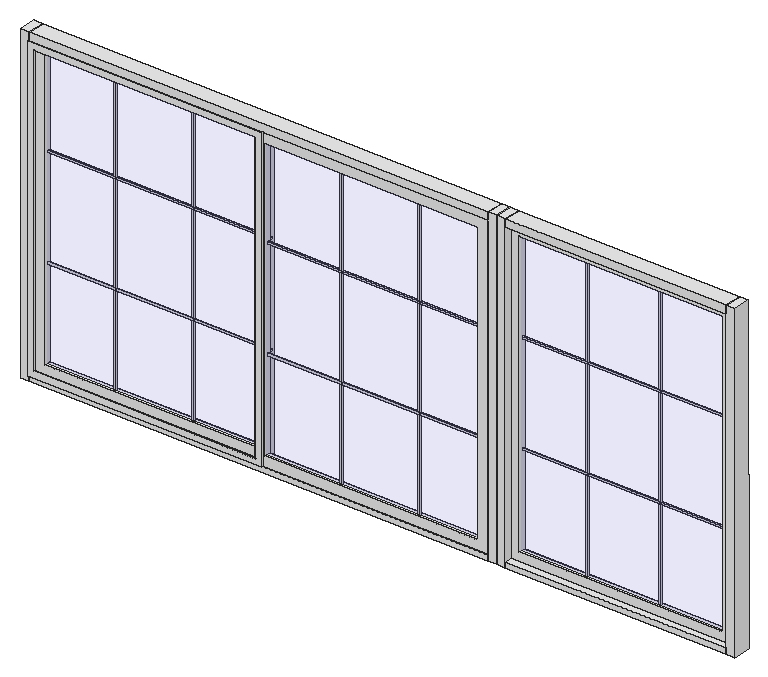
Revit family "Door_Curtain_Wall-Sliding_With_Sidelite-Traco-TR-8300_TR-8350", category Curtain Panels, Revit 2015
Parameters (values of type "TR-8300/TR-8350")
  Water Resistance = 12.0000 psf
  Uniform Load Structural = 75.0000 psf
  Uniform Load Deflection = 50.0000 psf
  Sill Type = Door_Frame-Sliding-(TR-8300) : 10 PSF Sill
  Sidelite Width [instance] = (Door Width - CTLR Left Door Width)  # 5' - 4"
  Sidelite Panel Width [instance] = Sidelite Width - 0' 4 3/4"  # 4' - 11 1/4"
  Sidelite Panel Height [instance] = Door Height - 0' 3 1/2"  # 6' - 8 1/2"
  Show Symbolic Opening Area [instance] = yes
  Product data url = "https://bimobject.com/kawneerna/product/83005"
  Product Page URL = "http://www.alcoa.com/traco/en/product.asp?cat_id=1911&prod_id=4257"
  Product Documentation Link = "http://www.alcoa.com/traco/en/cad_spec.asp?cat_id=1911&prod_id=4257&area=prod"
  Panel Width [instance] = (CTLR Left Door Width / 2) - 0' 1 3/16"  # 5' - 2 13/16"
  Panel Material [instance] = Aluminum - Traco - Anodized - Gray
  Panel Height [instance] = Door Height - 0' 3 1/2"  # 6' - 8 1/2"
  Muntin Type = Muntin-Grid-Traco-Lites : Interior
  Has Screen [instance] = yes
  Has Muntins [instance] = yes
  Glass Material [instance] = Glass - Traco - Clear
  Frame Material [instance] = Aluminum - Traco - Anodized - Gray
  Door Width [instance] = if(CTRL Opening Width - CTRL Left Inset > Door Width Maximum, Door Width Maximum, if(CTRL Opening Width - CTRL Left Inset < Door Width Minimum, Door Width Minimum, CTRL Opening Width - CTRL Left Inset))  # 16' - 0"
  Door Height [instance] = if(CTRL Opening Height < Door Height Minimum, Door Height Minimum, if(CTRL Opening Height > Door Height Maximum, Door Height Maximum, CTRL Opening Height))  # 7' - 0"
  Copyright © = "2011 Traco"  # constant formula
  CTRL Symbolic Arrow Placement Height [instance] = (Panel Height / 2) + 0' 1 1/2"  # 3' - 5 3/4"
  CTRL Symbolic Arrow Inset [instance] = (Panel Width / 2) - 0' 5 3/8"  # 2' - 2 1/32"
  CTRL Opening Width [instance] = 16' - 2 1/4"
  URL = "http://www.alcoa.com/traco/en/home.asp"
  U Factor = ".43*"
  Type Comments = "2 Panel With Sidelite"
  Test Size = "187\" X 96\""
  Perimeter Panel Inset = 0' - 2 3/4"  # constant formula
  Model = "TR-8300/TR-8350"
  Middle Panel Inset = 0' - 1"  # constant formula
  Manufacturer = "Traco"  # constant formula
  CTRL Opening Height [instance] = 7' - 0"
  Forced Entry Resistance = "TYPE B: GRADE 10"
  Door Width Minimum = 9' - 0"
  Door Width Maximum = 16' - 0"
  Door Height Minimum = 6' - 0"
  Door Height Maximum = 10' - 0"
  Designation = "AAMA/WDMA/CSA 101/I.S.2/A-440-05: HS-C50 And AAMA/WDMA/CSA 101/I.S.2/A-440-08"
  Description = "TR-8300/TR-8350- Thermal Aluminum Heavy Commercial Sliding Glass Door"
  Condensation Resistance = ""
  CTRL Left Inset = 0' - 0"
  CTLR Left Door Width [instance] = (Door Width / 3) * 2  # 10' - 8"
  Assembly Code = "B2020220"
  Allowable Air Infiltration Maximum = "0.3 @ 6.2 PSF"
Reference planes (in)
  plane 1 "Front": y = 0
  plane 2 "Bottom": z = 0
  plane 3 "Center (Left/Right)": x = -69.25
  plane 4 "Left": x = -165.25
  plane 5 "Right": x = 29
  plane 6 "Top": z = 84
  plane 7 "Middle Panel Center F_B": y = 1
  plane 8 "Left Panel Center F_B": y = 2.75
  plane 9 "Frame Left": x = -165.25
  plane 10 "Frame Right": x = 26.75
  plane 11 "Screen Front": y = -0.375
  plane 12 "Right Panel Center F_B": y = 2.75
  plane 13 "Back": y = 4.625
  plane 14 "Frame Transition": x = -37.25
  plane 15 "Sidelite Right Frame Inset": x = 24.375
  plane 16 "Frame Left Inset": x = -162.875
  plane 17 "Middle Panel Left": x = -102.4375
  plane 18 "Left Panel Right": x = -100.0625
  plane 19 "Right Frame Inset": x = -39.625
  plane 20 "Door Bottom": z = 1.5
  plane 21 "Sidelite Left Inset": x = -34.875
Text (in)
  text "Exterior" at (-54.29358, -41.61257, 0), in view "Ref. Level"
  text "Exterior" at (480, 41.53993, 89.60405), in view "Right"
  text "Exterior" at (-240, 57.82419, 105.78864), in view "Left"
Dimensions and locks (in)
  "CTRL Opening Width": plane 4 "Left" to plane 5 "Right"
  "Door Height": nested 1 to level
  "CTRL Opening Height": plane 6 "Top" to plane 2 "Bottom"
  equal spacing: plane 9 "Frame Left", plane 3 "Center (Left/Right)", plane 10 "Frame Right"
  "Door Width": plane 9 "Frame Left" to plane 10 "Frame Right"
  locked: plane 1 "Front" to plane 11 "Screen Front" at 0.375
  "Perimeter Panel Inset": plane 1 "Front" to plane 8 "Left Panel Center F_B"
  locked: plane 1 "Front" to plane 13 "Back" at 4.625
  locked: plane 15 "Sidelite Right Frame Inset" to plane 10 "Frame Right" at 2.375
  locked: plane 9 "Frame Left" to plane 16 "Frame Left Inset" at 2.375
  "Middle Panel Inset": plane 1 "Front" to plane 7 "Middle Panel Center F_B"
  locked: plane 19 "Right Frame Inset" to plane 14 "Frame Transition" at 2.375
  locked: plane 17 "Middle Panel Left" to plane 18 "Left Panel Right" at 2.375
  locked: plane 20 "Door Bottom" to plane 2 "Bottom" at 1.5
  locked: plane 14 "Frame Transition" to plane 21 "Sidelite Left Inset" at 2.375
  "Perimeter Panel Inset": plane 1 "Front" to plane 12 "Right Panel Center F_B"
  "Panel Width": plane 16 "Frame Left Inset" to plane 18 "Left Panel Right"
  "CTLR Left Door Width": plane 9 "Frame Left" to plane 14 "Frame Transition"
  "CTRL Left Inset": plane 4 "Left" to plane 9 "Frame Left"
  aligned and locked: level to plane 2 "Bottom"
  aligned: nested 2 to nested 1
  aligned: nested 4 to nested 3
  aligned and locked: nested 5 to nested 3  (x3)
  aligned and locked: nested 3 to nested 5  (x2)
  aligned: plane 9 "Frame Left" to nested 1
  aligned: nested 1 to plane 9 "Frame Left"
  aligned: plane 10 "Frame Right" to nested 2  (x3)
  aligned and locked: plane 8 "Left Panel Center F_B" to nested 3
  aligned and locked: plane 7 "Middle Panel Center F_B" to nested 4
  aligned and locked: nested 1 to plane 1 "Front"
  aligned and locked: nested 1 to plane 9 "Frame Left"
  aligned and locked: plane 1 "Front" to nested 2
  aligned and locked: plane 12 "Right Panel Center F_B" to nested 21
  aligned: plane 2 "Bottom" to nested 2
  aligned and locked: plane 2 "Bottom" to nested 2  (x2)
  aligned: nested 11 to plane 17 "Middle Panel Left"
  aligned and locked: plane 2 "Bottom" to nested 1
  aligned: nested 2 to plane 14 "Frame Transition"
  aligned and locked: plane 14 "Frame Transition" to nested 1
  aligned and locked: plane 20 "Door Bottom" to nested 3
  aligned: plane 18 "Left Panel Right" to nested 3
  aligned and locked: nested 4 to plane 20 "Door Bottom"
  aligned: plane 17 "Middle Panel Left" to nested 4
  aligned and locked: plane 21 "Sidelite Left Inset" to nested 21
  aligned and locked: nested 21 to plane 20 "Door Bottom"
  aligned and locked: nested 2 to plane 14 "Frame Transition"
  aligned and locked: nested 16 to plane 20 "Door Bottom"
  aligned and locked: plane 21 "Sidelite Left Inset" to nested 16
  aligned and locked: nested 11 to plane 20 "Door Bottom"
  aligned and locked: plane 3 "Center (Left/Right)" to nested 11
  aligned and locked: nested 6 to plane 20 "Door Bottom"
  aligned and locked: nested 6 to plane 16 "Frame Left Inset"
  aligned and locked: plane 16 "Frame Left Inset" to nested 3
  aligned and locked: plane 19 "Right Frame Inset" to nested 4
  aligned and locked: plane 2 "Bottom" to nested 22
  aligned and locked: plane 9 "Frame Left" to nested 22
Nested families (in)
  nested 1: "Door_Frame-Sliding-(TR-8300)" at (-101.25, 2.3125, 0), Door Width <- "CTLR Left Door Width", Door Height <- "Door Height", type <- "Sill Type", type "10 PSF Sill"
    with Door Width 10' - 8", Door Height 7' - 0", Bottom Frame Thickness 0' - 1 1/2", Top Frame Thickness 0' - 2"
  nested 2: "Door_Frame-Sidelite-(TR-8350)" at (-1.25, 2.3125, 0), Door Height <- "Door Height", Sidelite Width <- "Sidelite Width", type "Sidelite"
    with Door Height 7' - 0"
  nested 3: "Door-Glass_Panel-Traco" at (-136.0625, 3.625, 1.5), Width <- "Panel Width", Height <- "Panel Height", Panel Material <- "Panel Material", Glass Material <- "Glass Material", type "Door-Glass_Panel-Traco"
    with built-in parameter 1001301 5' - 2 13/16", built-in parameter 1001302 0' - 1 3/4", Slide Indicator yes, Panel Offset 0' - 4 1/4", Panel Material Aluminum - Traco - Anodized - Gray, Panel Finish none, built-in parameter 1001300 6' - 8 1/2", Glazing "Low E-Argon", Glass Material Glass - Traco - Clear
  nested 4: "Door-Glass_Panel-Traco" at (-75.625, 1.875, 1.5), Width <- "Panel Width", Height <- "Panel Height", Panel Material <- "Panel Material", Glass Material <- "Glass Material", type "Door-Glass_Panel-Traco"
    with built-in parameter 1001301 5' - 2 13/16", built-in parameter 1001302 0' - 1 3/4", Slide Indicator yes, Panel Offset 0' - 4 1/4", Panel Material Aluminum - Traco - Anodized - Gray, Panel Finish none, built-in parameter 1001300 6' - 8 1/2", Glazing "Low E-Argon", Glass Material Glass - Traco - Clear
  nested 5: "Screen-Exterior-Traco-Half" at (-130.46875, -0.375, 41.75) x (1, 0, 0) z (0, 1, 0), Width <- "Panel Width", Height <- "Panel Height", visible <- "Has Screen", type "1 1/2"x3/8" Frame"
    with Width 5' - 2 13/16", Screen Offset 0' - 0", Height 6' - 8 1/2", CTRL Width 5' - 2 13/16", CTRL Height 6' - 8 1/2"
  nested 6: "Muntin-Grid-Traco-Lites" at (-131.46875, 2.75, 41.75) x (1, 0, 0) z (0, -1, 0), type <- "Muntin Type", Sash Height <- "Panel Height", Length <- "Panel Width", visible <- "Has Muntins", type "Interior"
    with Sash Height 6' - 8 1/2", Material Aluminum - Traco - Anodized - Gray, Length 5' - 2 13/16", Glazing Thickness 0' - 0 7/8", CTRL Muntin Vertical Distance 2' - 2.83333", CTRL Muntin Horizontal Distance 1' - 8 15/16", CTRL Face Offset 0' - 0 1/4", CTRL Bar Vertical Visibility no, CTRL Bar Horizontal Visibility no, CTRL Array Vertical Visibility yes, CTRL Array Horizontal Visibility yes, Has Interior Muntins yes, Has Exterior Muntins no
  nested 7: "Muntin-Trapezoid-Traco-Single" at (-121, 2.9375, 41.75) x (0, 0, -1) z (0, -1, 0), type "Standard Colonial"
    with Material Aluminum - Traco - Anodized - Gray, Length 6' - 8 1/2", Width Top 0' - 0 9/16", Width Base 0' - 0 9/16", Height 0' - 0 5/16"
  nested 8: "Muntin-Trapezoid-Traco-Single" at (-131.46875, 2.9375, 55.16667) x (-1, 0, 0) z (0, -1, 0), type "Standard Colonial"
    with Material Aluminum - Traco - Anodized - Gray, Length 5' - 2 13/16", Width Top 0' - 0 9/16", Width Base 0' - 0 9/16", Height 0' - 0 5/16"
  nested 9: "Muntin-Trapezoid-Traco-Single" at (-141.9375, 2.9375, 41.75) x (0, 0, -1) z (0, -1, 0), type "Standard Colonial"
    with Material Aluminum - Traco - Anodized - Gray, Length 6' - 8 1/2", Width Top 0' - 0 9/16", Width Base 0' - 0 9/16", Height 0' - 0 5/16"
  nested 10: "Muntin-Trapezoid-Traco-Single" at (-131.46875, 2.9375, 28.33333) x (-1, 0, 0) z (0, -1, 0), type "Standard Colonial"
    with Material Aluminum - Traco - Anodized - Gray, Length 5' - 2 13/16", Width Top 0' - 0 9/16", Width Base 0' - 0 9/16", Height 0' - 0 5/16"
  nested 11: "Muntin-Grid-Traco-Lites" at (-69.25, 1, 41.75) x (1, 0, 0) z (0, -1, 0), visible <- "Has Muntins", type <- "Muntin Type", Sash Height <- "Panel Height", Length <- "Panel Width", type "Interior"
    with Sash Height 6' - 8 1/2", Material Aluminum - Traco - Anodized - Gray, Length 5' - 2 13/16", Glazing Thickness 0' - 0 7/8", CTRL Muntin Vertical Distance 2' - 2.83333", CTRL Muntin Horizontal Distance 1' - 8 15/16", CTRL Face Offset 0' - 0 1/4", CTRL Bar Vertical Visibility no, CTRL Bar Horizontal Visibility no, CTRL Array Vertical Visibility yes, CTRL Array Horizontal Visibility yes, Has Interior Muntins yes, Has Exterior Muntins no
  nested 12: "Muntin-Trapezoid-Traco-Single" at (-58.78125, 1.1875, 41.75) x (0, 0, -1) z (0, -1, 0), type "Standard Colonial"
    with Material Aluminum - Traco - Anodized - Gray, Length 6' - 8 1/2", Width Top 0' - 0 9/16", Width Base 0' - 0 9/16", Height 0' - 0 5/16"
  nested 13: "Muntin-Trapezoid-Traco-Single" at (-69.25, 1.1875, 55.16667) x (-1, 0, 0) z (0, -1, 0), type "Standard Colonial"
    with Material Aluminum - Traco - Anodized - Gray, Length 5' - 2 13/16", Width Top 0' - 0 9/16", Width Base 0' - 0 9/16", Height 0' - 0 5/16"
  nested 14: "Muntin-Trapezoid-Traco-Single" at (-79.71875, 1.1875, 41.75) x (0, 0, -1) z (0, -1, 0), type "Standard Colonial"
    with Material Aluminum - Traco - Anodized - Gray, Length 6' - 8 1/2", Width Top 0' - 0 9/16", Width Base 0' - 0 9/16", Height 0' - 0 5/16"
  nested 15: "Muntin-Trapezoid-Traco-Single" at (-69.25, 1.1875, 28.33333) x (-1, 0, 0) z (0, -1, 0), type "Standard Colonial"
    with Material Aluminum - Traco - Anodized - Gray, Length 5' - 2 13/16", Width Top 0' - 0 9/16", Width Base 0' - 0 9/16", Height 0' - 0 5/16"
  nested 16: "Muntin-Grid-Traco-Lites" at (-5.25, 2.75, 41.75) x (-1, 0, 0) z (0, -1, 0), Sash Height <- "Sidelite Panel Height", Length <- "Sidelite Panel Width", visible <- "Has Muntins", type <- "Muntin Type", type "Interior"
    with Sash Height 6' - 8 1/2", Material Aluminum - Traco - Anodized - Gray, Length 4' - 11 1/4", Glazing Thickness 0' - 0 7/8", CTRL Muntin Vertical Distance 2' - 2.83333", CTRL Muntin Horizontal Distance 1' - 7 3/4", CTRL Face Offset 0' - 0 1/4", CTRL Bar Vertical Visibility no, CTRL Bar Horizontal Visibility no, CTRL Array Vertical Visibility yes, CTRL Array Horizontal Visibility yes, Has Interior Muntins yes, Has Exterior Muntins no
  nested 17: "Muntin-Trapezoid-Traco-Single" at (-15.125, 2.9375, 41.75) x (0, 0, -1) z (0, -1, 0), type "Standard Colonial"
    with Material Aluminum - Traco - Anodized - Gray, Length 6' - 8 1/2", Width Top 0' - 0 9/16", Width Base 0' - 0 9/16", Height 0' - 0 5/16"
  nested 18: "Muntin-Trapezoid-Traco-Single" at (-5.25, 2.9375, 55.16667) x (1, 0, 0) z (0, -1, 0), type "Standard Colonial"
    with Material Aluminum - Traco - Anodized - Gray, Length 4' - 11 1/4", Width Top 0' - 0 9/16", Width Base 0' - 0 9/16", Height 0' - 0 5/16"
  nested 19: "Muntin-Trapezoid-Traco-Single" at (4.625, 2.9375, 41.75) x (0, 0, -1) z (0, -1, 0), type "Standard Colonial"
    with Material Aluminum - Traco - Anodized - Gray, Length 6' - 8 1/2", Width Top 0' - 0 9/16", Width Base 0' - 0 9/16", Height 0' - 0 5/16"
  nested 20: "Muntin-Trapezoid-Traco-Single" at (-5.25, 2.9375, 28.33333) x (1, 0, 0) z (0, -1, 0), type "Standard Colonial"
    with Material Aluminum - Traco - Anodized - Gray, Length 4' - 11 1/4", Width Top 0' - 0 9/16", Width Base 0' - 0 9/16", Height 0' - 0 5/16"
  nested 21: "Door-Glass_Panel-Traco-Sidelite" at (-5.25, 3.625, 1.5), Panel Material <- "Panel Material", Glass Material <- "Glass Material", Width <- "Sidelite Panel Width", Height <- "Sidelite Panel Height", type "Sidelite"
    with built-in parameter 1001301 4' - 11 1/4", built-in parameter 1001302 0' - 1 3/4", Panel Offset 0' - 4 1/4", Panel Material Aluminum - Traco - Anodized - Gray, Panel Finish none, built-in parameter 1001300 6' - 8 1/2", Glazing "Low E-Argon", Glass Material Glass - Traco - Clear
  nested 22: "Symbolic_Opening_Arrow-Traco" at (-146.25, 0, 42) x (1, 0, 0) z (0, -1, 0), visible <- "Show Symbolic Opening Area", Placement Height <- "CTRL Symbolic Arrow Placement Height", Inset <- "CTRL Symbolic Arrow Inset", type "Symbolic_Opening_Arrow-Traco"
    with Placement Height 3' - 5 3/4", Inset 2' - 2 1/32", Length 1' - 2"
Definition of nested family "Door_Frame-Sliding-(TR-8300)"
  Parameters
    Top Frame Thickness = 0' - 4 3/8"
    Frame Thickness = 0' - 2 3/8"
    Frame Material = none
    Frame Depth = 0' - 4 5/8"
    Door Width [instance] = 6' - 0"
    Door Height [instance] = 7' - 0"
    Bottom Frame Thickness [instance] = 0' - 1 1/2"
    Assembly Code = ""
  Reference planes (in)
    plane 1 "Center (Front/Back)": y = 0
    plane 2 "Bottom": z = 0
    plane 3 "Center (Left/Right)": x = 0
    plane 4 "Interior": y = 2.3125
    plane 5 "Exterior": y = -2.3125
    plane 6 "Left": x = -36
    plane 7 "Right": x = 36
    plane 8 "Top of Frame": z = 84
    plane 9 "Inside Frame Left Side": x = -33.625
    plane 10 "Inside Frame Right Side": x = 33.625
    plane 11 "Top Inset": z = 79.625
    plane 12 "Bottom Inset": z = 1.5
  Forms (in)
    Extrusion 1, solid, material <- "Frame Material"
      sketch origin (0, 0, 0) x (1, 0, 0) y (0, 0, 1)
        loop
          line (-36, 84) -> (-36, 0) -> (-33.625, 0) -> (-33.625, 84) -> (-36, 84)
        loop
          line (33.625, 84) -> (33.625, 0) -> (36, 0) -> (36, 84) -> (33.625, 84)
      from -2.3125 to 2.3125
    Extrusion 2, solid, material <- "Frame Material"
      sketch origin (0, 0, 0) x (1, 0, 0) y (0, 0, 1)
        loop
          line (-33.625, 84) -> (-33.625, 79.625) -> (33.625, 79.625) -> (33.625, 84) -> (-33.625, 84)
        loop
          line (-33.625, 1.5) -> (-33.625, 0) -> (33.625, 0) -> (33.625, 1.5) -> (-33.625, 1.5)
      from -2.3125 to 2.3125
  Lines and regions (in)
    Masking region 1
      outline origin (0, 0, 84) x (-1, 0, 0) y (0, -1, 0)
        loop
          line (36, 2.3125) -> (-36, 2.3125) -> (-36, -2.3125) -> (36, -2.3125) -> (36, 2.3125)
    Masking region 2
      outline origin (0, 0, 0) x (0, 1, 0) y (0, 0, 1)
        loop
          line (-2.3125, 0) -> (2.3125, 0) -> (2.3125, 84) -> (-2.3125, 84) -> (-2.3125, 0)
    Masking region 3
      outline origin (0, 0, 0) x (1, 0, 0) y (0, 0, 1)
        loop
          line (-36, 0) -> (36, 0) -> (36, 84) -> (-36, 84) -> (-36, 0)
        loop
          line (-33.625, 1.5) -> (33.625, 1.5) -> (33.625, 79.625) -> (-33.625, 79.625) -> (-33.625, 1.5)
    symbolic lines, detail levels medium+fine
      curve 1: line (-33.625, -2.3125, 84) -> (-33.625, 2.3125, 84)
      curve 2: line (33.625, -2.3125, 84) -> (33.625, 2.3125, 84)
      curve 3: line (-33.625, 0, 0) -> (-33.625, 0, 1.5)
      curve 4: line (33.625, 0, 0) -> (33.625, 0, 1.5)
      curve 5: line (-33.625, 0, 79.625) -> (-33.625, 0, 84)
      curve 6: line (33.625, 0, 79.625) -> (33.625, 0, 84)
  Dimensions and locks (in)
    equal spacing: plane 4 "Interior", plane 1 "Center (Front/Back)", plane 5 "Exterior"
    "Frame Depth": plane 4 "Interior" to plane 5 "Exterior"
    "Door Height": plane 8 "Top of Frame" to plane 2 "Bottom"
    equal spacing: plane 6 "Left", plane 3 "Center (Left/Right)", plane 7 "Right"
    "Top Frame Thickness": plane 8 "Top of Frame" to plane 11 "Top Inset"
    "Frame Thickness": plane 7 "Right" to plane 10 "Inside Frame Right Side"
    "Frame Thickness": plane 6 "Left" to plane 9 "Inside Frame Left Side"
    "Bottom Frame Thickness": plane 12 "Bottom Inset" to plane 2 "Bottom"
    "Door Width": plane 6 "Left" to plane 7 "Right"
    aligned and locked: level to plane 2 "Bottom"
    aligned and locked: Extrusion 1 sketch curve to plane 6 "Left"
    aligned and locked: level to Extrusion 1 sketch curve
    aligned and locked: plane 9 "Inside Frame Left Side" to Extrusion 1 sketch curve
    aligned and locked: Extrusion 1 sketch curve to plane 10 "Inside Frame Right Side"
    aligned and locked: Extrusion 1 sketch curve to plane 7 "Right"
    aligned and locked: plane 4 "Interior" to Extrusion 1
    aligned and locked: plane 5 "Exterior" to Extrusion 1
    aligned and locked: plane 2 "Bottom" to Extrusion 1 sketch curve
    aligned and locked: Extrusion 1 to Extrusion 2 sketch curve  (x2)
    aligned and locked: plane 11 "Top Inset" to Extrusion 2 sketch curve
    aligned and locked: plane 10 "Inside Frame Right Side" to Extrusion 2 sketch curve
    aligned and locked: Extrusion 2 sketch curve to plane 12 "Bottom Inset"
    aligned and locked: Extrusion 2 sketch curve to plane 9 "Inside Frame Left Side"
    aligned and locked: Extrusion 2 sketch curve to Extrusion 1
    aligned and locked: plane 4 "Interior" to Extrusion 2
    aligned and locked: plane 5 "Exterior" to Extrusion 2
    aligned and locked: Extrusion 2 sketch curve to plane 8 "Top of Frame"
    aligned and locked: Extrusion 1 sketch curve to plane 8 "Top of Frame"  (x2)
    aligned and locked: plane 6 "Left" to Masking region 1 sketch curve
    aligned and locked: plane 5 "Exterior" to Masking region 1 sketch curve
    aligned and locked: plane 4 "Interior" to Masking region 1 sketch curve
    aligned and locked: plane 7 "Right" to Masking region 1 sketch curve
    aligned and locked: curve 1 to plane 9 "Inside Frame Left Side"
    aligned and locked: curve 2 to plane 10 "Inside Frame Right Side"
    aligned and locked: plane 5 "Exterior" to Masking region 2 sketch curve
    aligned and locked: plane 8 "Top of Frame" to Masking region 2 sketch curve
    aligned and locked: plane 4 "Interior" to Masking region 2 sketch curve
    aligned and locked: Masking region 2 sketch curve to plane 2 "Bottom"
    aligned and locked: plane 6 "Left" to Masking region 3 sketch curve
    aligned and locked: Masking region 3 sketch curve to plane 2 "Bottom"
    aligned and locked: plane 7 "Right" to Masking region 3 sketch curve
    aligned and locked: plane 8 "Top of Frame" to Masking region 3 sketch curve
    aligned and locked: plane 11 "Top Inset" to Masking region 3 sketch curve
    aligned and locked: plane 9 "Inside Frame Left Side" to Masking region 3 sketch curve
    aligned and locked: Masking region 3 sketch curve to plane 12 "Bottom Inset"
    aligned and locked: Masking region 3 sketch curve to plane 10 "Inside Frame Right Side"
    aligned and locked: curve 5 to plane 9 "Inside Frame Left Side"
    aligned and locked: curve 6 to plane 10 "Inside Frame Right Side"
    aligned and locked: curve 3 to plane 9 "Inside Frame Left Side"
    aligned and locked: curve 4 to plane 10 "Inside Frame Right Side"
  Automatic sketch dimensions
    curve 5 to plane 8 "Top of Frame" = 0' - 0"
    curve 4 to level = 0' - 0"
    curve 3 to level = 0' - 0"
    curve 4 to plane 12 "Bottom Inset" = 0' - 0"
    curve 3 to plane 12 "Bottom Inset" = 0' - 0"
    curve 6 to plane 11 "Top Inset" = 0' - 0"
    curve 5 to plane 11 "Top Inset" = 0' - 0"
    curve 6 to plane 8 "Top of Frame" = 0' - 0"
    curve 1 to plane 4 "Interior" = 0' - 0"
    curve 2 to plane 4 "Interior" = 0' - 0"
    plane 5 "Exterior" to curve 2 = 0' - 0"
    plane 5 "Exterior" to curve 1 = 0' - 0"
Definition of nested family "Door_Frame-Sidelite-(TR-8350)"
  Parameters
    Top Frame Thickness = 0' - 2"
    Sidelite Width [instance] = 5' - 4"
    Frame Thickness = 0' - 2 3/8"
    Frame Material = none
    Frame Depth = 0' - 4 5/8"
    Door Height [instance] = 7' - 0"
    Bottom Frame Thickness = 0' - 1 1/2"
    Assembly Code = ""
  Reference planes (in)
    plane 1 "Center (Front/Back)": y = 0
    plane 2 "Bottom": z = 0
    plane 3 "Center (Left/Right)": x = -4
    plane 4 "Interior": y = 2.3125
    plane 5 "Exterior": y = -2.3125
    plane 6 "Left": x = -36
    plane 7 "Right": x = 28
    plane 8 "Top": z = 84
    plane 9 "Inside Frame Left Side": x = -33.625
    plane 10 "Inside Frame Right Side": x = 25.625
    plane 11 "Top Inset": z = 82
    plane 12 "Bottom Inset": z = 1.5
  Forms (in)
    Extrusion 1, solid, material <- "Frame Material"
      sketch origin (0, 0, 0) x (1, 0, 0) y (0, 0, 1)
        loop
          line (-36, 84) -> (-36, 0) -> (-33.625, 0) -> (-33.625, 84) -> (-36, 84)
        loop
          line (25.625, 84) -> (25.625, 0) -> (28, 0) -> (28, 84) -> (25.625, 84)
      from -2.3125 to 2.3125
    Extrusion 2, solid, material <- "Frame Material"
      sketch origin (0, 0, 0) x (1, 0, 0) y (0, 0, 1)
        loop
          line (-33.625, 84) -> (-33.625, 82) -> (25.625, 82) -> (25.625, 84) -> (-33.625, 84)
        loop
          line (-33.625, 1.5) -> (-33.625, 0) -> (25.625, 0) -> (25.625, 1.5) -> (-33.625, 1.5)
      from -2.3125 to 2.3125
  Lines and regions (in)
    Masking region 1
      outline origin (0, 0, 84) x (-1, 0, 0) y (0, -1, 0)
        loop
          line (36, 2.3125) -> (-28, 2.3125) -> (-28, -2.3125) -> (36, -2.3125) -> (36, 2.3125)
    Masking region 2
      outline origin (-4, 0, 0) x (0, 1, 0) y (0, 0, 1)
        loop
          line (-2.3125, 0) -> (2.3125, 0) -> (2.3125, 84) -> (-2.3125, 84) -> (-2.3125, 0)
    Masking region 3
      outline origin (0, 0, 0) x (1, 0, 0) y (0, 0, 1)
        loop
          line (-36, 0) -> (28, 0) -> (28, 84) -> (-36, 84) -> (-36, 0)
        loop
          line (-33.625, 1.5) -> (25.625, 1.5) -> (25.625, 82) -> (-33.625, 82) -> (-33.625, 1.5)
    symbolic lines, detail levels medium+fine
      curve 1: line (-33.625, -2.3125, 84) -> (-33.625, 2.3125, 84)
      curve 2: line (25.625, -2.3125, 84) -> (25.625, 2.3125, 84)
      curve 3: line (-33.625, 0, 82) -> (-33.625, 0, 84)
      curve 4: line (25.625, 0, 82) -> (25.625, 0, 84)
      curve 5: line (-33.625, 0, 0) -> (-33.625, 0, 1.5)
      curve 6: line (25.625, 0, 0) -> (25.625, 0, 1.5)
  Dimensions and locks (in)
    equal spacing: plane 4 "Interior", plane 1 "Center (Front/Back)", plane 5 "Exterior"
    "Frame Depth": plane 4 "Interior" to plane 5 "Exterior"
    "Door Height": plane 8 "Top" to plane 2 "Bottom"
    equal spacing: plane 6 "Left", plane 3 "Center (Left/Right)", plane 7 "Right"
    "Top Frame Thickness": plane 8 "Top" to plane 11 "Top Inset"
    "Frame Thickness": plane 7 "Right" to plane 10 "Inside Frame Right Side"
    "Frame Thickness": plane 6 "Left" to plane 9 "Inside Frame Left Side"
    "Bottom Frame Thickness": plane 12 "Bottom Inset" to plane 2 "Bottom"
    "Sidelite Width": plane 6 "Left" to plane 7 "Right"
    aligned and locked: level to plane 2 "Bottom"
    aligned and locked: Extrusion 1 sketch curve to plane 6 "Left"
    aligned and locked: level to Extrusion 1 sketch curve
    aligned and locked: plane 9 "Inside Frame Left Side" to Extrusion 1 sketch curve
    aligned and locked: Extrusion 1 sketch curve to plane 10 "Inside Frame Right Side"
    aligned and locked: Extrusion 1 sketch curve to plane 7 "Right"
    aligned and locked: plane 4 "Interior" to Extrusion 1
    aligned and locked: plane 5 "Exterior" to Extrusion 1
    aligned and locked: plane 2 "Bottom" to Extrusion 1 sketch curve
    aligned and locked: Extrusion 1 to Extrusion 2 sketch curve  (x2)
    aligned and locked: plane 11 "Top Inset" to Extrusion 2 sketch curve
    aligned and locked: plane 10 "Inside Frame Right Side" to Extrusion 2 sketch curve
    aligned and locked: Extrusion 2 sketch curve to plane 12 "Bottom Inset"
    aligned and locked: Extrusion 2 sketch curve to plane 9 "Inside Frame Left Side"
    aligned and locked: Extrusion 2 sketch curve to Extrusion 1
    aligned and locked: plane 4 "Interior" to Extrusion 2
    aligned and locked: plane 5 "Exterior" to Extrusion 2
    aligned and locked: Extrusion 2 sketch curve to plane 8 "Top"
    aligned and locked: Extrusion 1 sketch curve to plane 8 "Top"  (x2)
    aligned and locked: plane 4 "Interior" to Masking region 1 sketch curve
    aligned and locked: plane 7 "Right" to Masking region 1 sketch curve
    aligned and locked: plane 5 "Exterior" to Masking region 1 sketch curve
    aligned and locked: plane 6 "Left" to Masking region 1 sketch curve
    aligned and locked: curve 1 to plane 9 "Inside Frame Left Side"
    aligned and locked: curve 2 to plane 10 "Inside Frame Right Side"
    aligned and locked: plane 8 "Top" to Masking region 2 sketch curve
    aligned and locked: plane 5 "Exterior" to Masking region 2 sketch curve
    aligned and locked: plane 4 "Interior" to Masking region 2 sketch curve
    aligned and locked: Masking region 2 sketch curve to plane 2 "Bottom"
    aligned and locked: plane 8 "Top" to Masking region 3 sketch curve
    aligned and locked: plane 7 "Right" to Masking region 3 sketch curve
    aligned and locked: Masking region 3 sketch curve to plane 2 "Bottom"
    aligned and locked: plane 6 "Left" to Masking region 3 sketch curve
    aligned and locked: Masking region 3 sketch curve to plane 12 "Bottom Inset"
    aligned and locked: plane 9 "Inside Frame Left Side" to Masking region 3 sketch curve
    aligned and locked: Masking region 3 sketch curve to plane 10 "Inside Frame Right Side"
    aligned and locked: plane 11 "Top Inset" to Masking region 3 sketch curve
    aligned and locked: curve 3 to plane 9 "Inside Frame Left Side"
    aligned and locked: curve 4 to plane 10 "Inside Frame Right Side"
    aligned and locked: curve 5 to plane 9 "Inside Frame Left Side"
    aligned and locked: curve 6 to plane 10 "Inside Frame Right Side"
  Automatic sketch dimensions
    curve 1 to plane 4 "Interior" = 0' - 0"
    curve 2 to plane 4 "Interior" = 0' - 0"
    plane 5 "Exterior" to curve 2 = 0' - 0"
    plane 5 "Exterior" to curve 1 = 0' - 0"
    curve 3 to plane 8 "Top" = 0' - 0"
    curve 4 to plane 8 "Top" = 0' - 0"
    curve 6 to level = 0' - 0"
    curve 5 to level = 0' - 0"
    curve 6 to plane 12 "Bottom Inset" = 0' - 0"
    curve 5 to plane 12 "Bottom Inset" = 0' - 0"
    curve 4 to plane 11 "Top Inset" = 0' - 0"
    curve 3 to plane 11 "Top Inset" = 0' - 0"
Definition of nested family "Door-Glass_Panel-Traco"
  Parameters
    Width [instance] = 3' - 0"
    Visible Light Transmission = 0
    URL = "www.integratedcontentsolutions.com"
    U Value = 0
    Type Comments = "Panel theory and model developed by Integrated Content Solutions"  # constant formula
    Thickness [instance] = 0' - 1 1/2"
    Stile Right = 0' - 2 3/4"
    Stile Left = 0' - 2 3/4"
    Solar Heat Gain Coefficient = 0
    Slide Indicator [instance] = yes
    Rail Head = 0' - 2 9/16"
    Rail Bottom = 0' - 2 9/16"
    R Value = 0
    Product Documentation Link = "www.integratedcontentsolutions.com"
    Panel Offset [instance] = 0' - 4 1/4"
    Panel Material [instance] = none
    Panel Finish [instance] = none
    Manufacturer = "Integrated Content Solutions"  # constant formula
    LEED Credit = ""
    Height [instance] = 7' - 0"
    Glazing [instance] = "Low E-Argon"
    Glass Material [instance] = none
    Function = 1
    Energy Star Zone = ""
    Copyright © = "Integrated Content Solutions © 2009"  # constant formula
    Assembly Code = "C1020110"
    Appear In Schedule = 0 = 1  # no
    Air Leakage = 0
  Reference planes (in)
    plane 1 "Exterior": y = 0
    plane 2 "Bottom": z = 0
    plane 3 "Left": x = 0
    plane 4 "Interior": y = -1.5
    plane 5 "Right": x = 36
    plane 6 "Top": z = 84
    plane 7 "Panel Center of Thickness": y = -0.75
    plane 8 "Glass Interior": y = -1.1875
    plane 9 "Glass Exterior": y = -0.3125
    plane 10 "Left Inset": x = 2.75
    plane 11 "Right Inset": x = 33.25
    plane 12 "Top Inset": z = 81.4375
    plane 13 "Bottom Inset": z = 2.5625
    plane 14 "Center L_R": x = 18
  Forms (in)
    Extrusion 1, solid, material <- "Panel Material"
      sketch origin (0, 0, 0) x (1, 0, 0) y (0, 0, 1)
        loop
          line (0, 84) -> (0, 0) -> (36, 0) -> (36, 84) -> (0, 84)
        loop
          line (2.75, 81.4375) -> (2.75, 2.5625) -> (33.25, 2.5625) -> (33.25, 81.4375) -> (2.75, 81.4375)
      from 0 to 1.5
    Extrusion 2, solid, material <- "Glass Material"
      sketch origin (0, -1.5, 0) x (1, 0, 0) y (0, 0, 1)
        loop
          line (2.75, 81.4375) -> (2.75, 2.5625) -> (33.25, 2.5625) -> (33.25, 81.4375) -> (2.75, 81.4375)
      from -1.1875 to -0.3125
  Lines and regions (in)
    Masking region 1
      outline origin (0, 0, 84) x (-1, 0, 0) y (0, -1, 0)
        loop
          line (0, 1.5) -> (-36, 1.5) -> (-36, 0) -> (0, 0) -> (0, 1.5)
    Masking region 2
      outline origin (0, -0.75, 0) x (-1, 0, 0) y (0, 0, 1)
        loop
          line (0, 0) -> (0, 84) -> (-36, 84) -> (-36, 0) -> (0, 0)
        loop
          line (-2.75, 2.5625) -> (-2.75, 81.4375) -> (-33.25, 81.4375) -> (-33.25, 2.5625) -> (-2.75, 2.5625)
    Masking region 3
      outline origin (18, 0, 0) x (0, 1, 0) y (0, 0, 1)
        loop
          line (-1.5, 0) -> (0, 0) -> (0, 84) -> (-1.5, 84) -> (-1.5, 0)
  Dimensions and locks (in)
    "Width": plane 3 "Left" to plane 5 "Right"
    "Thickness": plane 4 "Interior" to plane 1 "Exterior"
    "Height": plane 6 "Top" to plane 2 "Bottom"
    equal spacing: plane 4 "Interior", plane 7 "Panel Center of Thickness", plane 1 "Exterior"
    "Stile Left": plane 10 "Left Inset" to plane 3 "Left"
    "Stile Right": plane 5 "Right" to plane 11 "Right Inset"
    "Rail Bottom": plane 13 "Bottom Inset" to plane 2 "Bottom"
    "Rail Head": plane 6 "Top" to plane 12 "Top Inset"
    locked: plane 9 "Glass Exterior" to plane 8 "Glass Interior" at 0.875
    equal spacing: plane 3 "Left", plane 14 "Center L_R", plane 5 "Right"
    aligned and locked: plane 3 "Left" to Extrusion 1 sketch curve
    aligned and locked: Extrusion 1 sketch curve to plane 6 "Top"
    aligned and locked: level to Extrusion 1 sketch curve
    aligned and locked: Extrusion 1 sketch curve to plane 5 "Right"
    aligned and locked: Extrusion 1 to plane 1 "Exterior"
    aligned and locked: plane 4 "Interior" to Extrusion 1
    aligned and locked: level to plane 2 "Bottom"
    aligned and locked: plane 10 "Left Inset" to Extrusion 1 sketch curve
    aligned and locked: Extrusion 1 sketch curve to plane 12 "Top Inset"
    aligned and locked: plane 13 "Bottom Inset" to Extrusion 1 sketch curve
    aligned and locked: Extrusion 1 sketch curve to plane 11 "Right Inset"
    aligned and locked: plane 10 "Left Inset" to Extrusion 2 sketch curve
    aligned and locked: Extrusion 2 sketch curve to plane 12 "Top Inset"
    aligned and locked: plane 13 "Bottom Inset" to Extrusion 2 sketch curve
    aligned and locked: Extrusion 2 sketch curve to plane 11 "Right Inset"
    aligned and locked: plane 9 "Glass Exterior" to Extrusion 2
    aligned and locked: Extrusion 2 to plane 8 "Glass Interior"
    aligned and locked: Masking region 1 sketch curve to plane 1 "Exterior"
    aligned and locked: plane 5 "Right" to Masking region 1 sketch curve
    aligned and locked: plane 4 "Interior" to Masking region 1 sketch curve
    aligned and locked: Masking region 1 sketch curve to plane 3 "Left"
    aligned and locked: plane 6 "Top" to Masking region 2 sketch curve
    aligned and locked: Masking region 2 sketch curve to plane 3 "Left"
    aligned and locked: plane 5 "Right" to Masking region 2 sketch curve
    aligned and locked: Masking region 2 sketch curve to plane 2 "Bottom"
    aligned and locked: plane 12 "Top Inset" to Masking region 2 sketch curve
    aligned and locked: Masking region 2 sketch curve to plane 10 "Left Inset"
    aligned and locked: plane 11 "Right Inset" to Masking region 2 sketch curve
    aligned and locked: Masking region 2 sketch curve to plane 13 "Bottom Inset"
    aligned and locked: plane 6 "Top" to Masking region 3 sketch curve
    aligned and locked: plane 4 "Interior" to Masking region 3 sketch curve
    aligned and locked: Masking region 3 sketch curve to plane 1 "Exterior"
    aligned and locked: plane 2 "Bottom" to Masking region 3 sketch curve
Definition of nested family "Screen-Exterior-Traco-Half"
  Parameters
    Width [instance] = 4' - 0"
    URL = "http://www.alcoa.com/traco/en/home.asp"
    Screen Offset [instance] = 0' - 1 1/2"
    Screen Material = none
    Product Page URL = ""
    Product Documentation Link = ""
    Model = ""
    Frame Material = none
    Manufacturer = "Traco"  # constant formula
    Height [instance] = 7' - 0"
    Frame Width = 0' - 1 1/2"
    Frame Thickness = 0' - 0 3/8"
    Default Elevation = 4' - 0"
    Copyright © = "2011 Traco"  # constant formula
    CTRL Width [instance] = Width  # 4' - 0"
    CTRL Height [instance] = Height  # 7' - 0"
    Assembly Code = "B2010300"
  Reference planes (in)
    plane 1 "Center (Front/Back)": y = 0
    plane 2 "Original Ref": z = 0
    plane 3 "Center (Left/Right)": x = -1
    plane 4 "Bottom": z = 1.5
    plane 5 "Front": y = -42
    plane 6 "Back": y = 42
    plane 7 "Left": x = -25
    plane 8 "Right": x = 23
    plane 9 "Back Inset": y = 40.5
    plane 10 "Left Inset": x = -23.5
    plane 11 "Right Inset": x = 21.5
    plane 12 "Top": z = 1.875
    plane 13 "Front Inset": y = -40.5
    plane 14 "Screen Bottom": z = 1.635
  Forms (in)
    Extrusion 1, solid
      sketch origin (0, 0, 0) x (1, 0, 0) y (0, 1, 0)
        loop
          line (-48, 48) -> (-48, -48) -> (48, -48) -> (48, 48) -> (-48, 48)
      from 0 to -12
    Extrusion 2, solid, material <- "Frame Material", detail levels medium+fine
      sketch origin (0, 0, 0) x (1, 0, 0) y (0, 1, 0)
        loop
          line (-25, 42) -> (-25, -42) -> (23, -42) -> (23, 42) -> (-25, 42)
        loop
          line (21.5, -40.5) -> (21.5, 40.5) -> (-23.5, 40.5) -> (-23.5, -40.5) -> (21.5, -40.5)
      from 1.5 to 1.875
    Extrusion 3, solid, material <- "Screen Material", detail levels medium+fine
      sketch origin (0, 0, 1.875) x (-1, 0, 0) y (0, -1, 0)
        loop
          line (-21.5, 40.5) -> (-21.5, -40.5) -> (23.5, -40.5) -> (23.5, 40.5) -> (-21.5, 40.5)
      from -0.24 to 0
  Lines and regions (in)
    Masking region 1, detail levels medium+fine
      outline origin (0, 0, 0) x (1, 0, 0) y (0, 0, 1)
        loop
          line (-25, 1.875) -> (-25, 1.5) -> (-23.5, 1.5) -> (-23.5, 1.875) -> (-25, 1.875)
        loop
          line (23, 1.5) -> (23, 1.875) -> (21.5, 1.875) -> (21.5, 1.5) -> (23, 1.5)
    Masking region 2
      outline origin (0, 0, 1.875) x (-1, 0, 0) y (0, -1, 0)
        loop
          line (-23, 42) -> (-23, -42) -> (25, -42) -> (25, 42) -> (-23, 42)
        loop
          line (23.5, -40.5) -> (23.5, 40.5) -> (-21.5, 40.5) -> (-21.5, -40.5) -> (23.5, -40.5)
    Masking region 3, detail levels medium+fine
      outline origin (-1, 0, 0) x (0, 1, 0) y (0, 0, 1)
        loop
          line (-42, 1.875) -> (-42, 1.5) -> (-40.5, 1.5) -> (-40.5, 1.875) -> (-42, 1.875)
        loop
          line (42, 1.5) -> (42, 1.875) -> (40.5, 1.875) -> (40.5, 1.5) -> (42, 1.5)
    model lines, detail levels coarse
      curve 1: line (-25, -42, 1.875) -> (23, -42, 1.875)
      curve 2: line (23, -42, 1.875) -> (23, 42, 1.875)
      curve 3: line (23, 42, 1.875) -> (-25, 42, 1.875)
      curve 4: line (-25, 42, 1.875) -> (-25, -42, 1.875)
    model lines, detail levels fine
      curve 5: line (-25, 42, 1.875) -> (-23.5, 40.5, 1.875)
      curve 6: line (21.5, 40.5, 1.875) -> (23, 42, 1.875)
      curve 7: line (-25, -42, 1.875) -> (-23.5, -40.5, 1.875)
      curve 8: line (21.5, -40.5, 1.875) -> (23, -42, 1.875)
    symbolic lines
      curve 9: line (21.5, 0, 1.635) -> (-23.5, 0, 1.635)
      curve 10: line (-1, 40.5, 1.635) -> (-1, -40.5, 1.635)
      curve 13: line (-23.5, -40.5, 1.875) -> (21.5, 40.5, 1.875)
    symbolic lines, detail levels medium+fine
      curve 11: line (-23.5, 0, 1.875) -> (-1, 40.5, 1.875)
      curve 12: line (-1, -40.5, 1.875) -> (21.5, 0, 1.875)
    symbolic lines, detail levels coarse
      curve 14: line (-23.5, 0, 1.635) -> (-23.5, 0, 1.5)
      curve 15: line (21.5, 0, 1.635) -> (21.5, 0, 1.5)
      curve 16: line (-1, -40.5, 1.5) -> (-1, -40.5, 1.635)
      curve 17: line (-1, 40.5, 1.5) -> (-1, 40.5, 1.635)
  Dimensions and locks (in)
    plane 4 "Bottom" to plane 2 "Original Ref" = 0' - 1 1/2"
    "CTRL Width": plane 7 "Left" to plane 8 "Right"
    "CTRL Height": plane 5 "Front" to plane 6 "Back"
    "Frame Width": plane 6 "Back" to plane 9 "Back Inset"
    "Frame Width": plane 7 "Left" to plane 10 "Left Inset"
    "Frame Width": plane 11 "Right Inset" to plane 8 "Right"
    "Frame Thickness": plane 12 "Top" to plane 4 "Bottom"
    "Frame Width": plane 5 "Front" to plane 13 "Front Inset"
    equal spacing: plane 7 "Left", plane 3 "Center (Left/Right)", plane 8 "Right"
    locked: plane 12 "Top" to plane 14 "Screen Bottom" at 0.24
    equal spacing: plane 5 "Front", plane 1 "Center (Front/Back)", plane 6 "Back"
    "Screen Offset": plane 4 "Bottom" to plane 2 "Original Ref"
    aligned and locked: plane 2 "Original Ref" to Extrusion 1
    aligned and locked: level to Extrusion 1
    aligned and locked: Masking region 1 sketch curve to plane 12 "Top"
    aligned and locked: plane 4 "Bottom" to Masking region 1 sketch curve
    aligned and locked: Masking region 1 sketch curve to plane 7 "Left"
    aligned and locked: Masking region 2 sketch curve to plane 6 "Back"
    aligned and locked: Masking region 2 sketch curve to plane 7 "Left"
    aligned and locked: Masking region 2 sketch curve to plane 5 "Front"
    aligned and locked: Masking region 2 sketch curve to plane 8 "Right"
    aligned and locked: Masking region 2 sketch curve to plane 11 "Right Inset"
    aligned and locked: Masking region 2 sketch curve to plane 10 "Left Inset"
    aligned and locked: Masking region 2 sketch curve to plane 9 "Back Inset"
    aligned and locked: Masking region 2 sketch curve to plane 13 "Front Inset"
    aligned and locked: Extrusion 2 sketch curve to plane 9 "Back Inset"
    aligned and locked: Extrusion 2 sketch curve to plane 6 "Back"
    aligned and locked: Extrusion 2 sketch curve to plane 11 "Right Inset"
    aligned and locked: Extrusion 2 sketch curve to plane 8 "Right"
    aligned and locked: Extrusion 2 sketch curve to plane 10 "Left Inset"
    aligned and locked: Extrusion 2 sketch curve to plane 7 "Left"
    aligned and locked: Extrusion 2 sketch curve to plane 13 "Front Inset"
    aligned and locked: Extrusion 2 sketch curve to plane 5 "Front"
    aligned and locked: plane 12 "Top" to Extrusion 2
    aligned and locked: Extrusion 2 to plane 4 "Bottom"
    aligned and locked: curve 1 to Extrusion 2
    aligned and locked: curve 2 to Extrusion 2
    aligned and locked: curve 4 to Extrusion 2
    aligned and locked: Masking region 1 sketch curve to plane 8 "Right"
    aligned and locked: Masking region 3 sketch curve to plane 6 "Back"
    aligned and locked: Masking region 3 sketch curve to plane 5 "Front"
    aligned and locked: Masking region 3 sketch curve to plane 12 "Top"
    aligned and locked: Masking region 3 to plane 4 "Bottom"
    aligned and locked: plane 11 "Right Inset" to curve 8
    aligned and locked: plane 10 "Left Inset" to curve 7
    aligned and locked: plane 7 "Left" to curve 7
    aligned and locked: plane 10 "Left Inset" to curve 5
    aligned and locked: plane 11 "Right Inset" to curve 6
    aligned and locked: plane 5 "Front" to curve 8
    aligned and locked: plane 13 "Front Inset" to curve 8
    aligned and locked: plane 9 "Back Inset" to curve 6
    aligned and locked: plane 9 "Back Inset" to curve 5
    aligned and locked: plane 8 "Right" to curve 3
    aligned and locked: Extrusion 3 sketch curve to plane 9 "Back Inset"
    aligned and locked: Extrusion 3 sketch curve to plane 10 "Left Inset"
    aligned and locked: Extrusion 3 sketch curve to plane 13 "Front Inset"
    aligned and locked: Extrusion 3 sketch curve to plane 11 "Right Inset"
    aligned and locked: Extrusion 3 to plane 14 "Screen Bottom"
    aligned and locked: plane 12 "Top" to Extrusion 3
    aligned and locked: Masking region 1 sketch curve to plane 10 "Left Inset"
    aligned and locked: Masking region 1 sketch curve to plane 11 "Right Inset"
    aligned and locked: plane 11 "Right Inset" to curve 9
    aligned and locked: plane 14 "Screen Bottom" to curve 9
    aligned and locked: Masking region 3 sketch curve to plane 13 "Front Inset"
    aligned and locked: Masking region 3 sketch curve to plane 9 "Back Inset"
    aligned and locked: plane 13 "Front Inset" to curve 10
    aligned and locked: plane 9 "Back Inset" to curve 10
    aligned and locked: plane 14 "Screen Bottom" to curve 10
    aligned and locked: plane 6 "Back" to curve 6
    aligned and locked: plane 1 "Center (Front/Back)" to curve 12
    aligned and locked: plane 11 "Right Inset" to curve 12
    aligned and locked: plane 9 "Back Inset" to curve 11
    aligned and locked: plane 3 "Center (Left/Right)" to curve 11
    aligned and locked: plane 13 "Front Inset" to curve 12
    aligned and locked: plane 3 "Center (Left/Right)" to curve 12
    aligned and locked: plane 13 "Front Inset" to curve 13
    aligned and locked: plane 10 "Left Inset" to curve 11
    aligned and locked: plane 1 "Center (Front/Back)" to curve 11
    aligned and locked: plane 10 "Left Inset" to curve 14
    aligned and locked: plane 14 "Screen Bottom" to curve 14
    aligned and locked: plane 4 "Bottom" to curve 14
    aligned and locked: plane 14 "Screen Bottom" to curve 16
    aligned and locked: plane 4 "Bottom" to curve 16
    aligned and locked: curve 16 to plane 13 "Front Inset"
  Automatic sketch dimensions
    Extrusion 1 sketch curve to Extrusion 1 sketch curve = 8' - 0"  (x2)
    curve 15 to plane 4 "Bottom" = 0' - 0"
    Masking region 1 sketch curve to plane 4 "Bottom" = 0' - 0"
    Masking region 1 sketch curve to plane 12 "Top" = 0' - 0"
    Masking region 3 sketch curve to plane 4 "Bottom" = 0' - 0"  (x2)
    Masking region 3 sketch curve to plane 12 "Top" = 0' - 0"
    curve 17 to plane 4 "Bottom" = 0' - 0"
Definition of nested family "Muntin-Trapezoid-Traco-Single"
  Parameters
    Width Top = 0' - 0 7/16"
    Width Base = 0' - 1"
    URL = "http://www.alcoa.com/traco/en/home.asp"
    Product Page URL = "http://www.alcoa.com/traco/en/product.asp?prod_id=4228"
    Product Documentation Link = "http://www.alcoa.com/traco/en/cad_spec.asp?prod_id=4228&area=prod"
    Material [instance] = none
    Manufacturer = "Traco"  # constant formula
    Length [instance] = 1' - 0"
    Height = 0' - 0 5/8"
    Description = "Trapezoidal Profile"
    Copyright © = "2011 Traco"  # constant formula
  Reference planes (in)
    plane 1 "Center (Front/Back)": y = 0
    plane 2 "Original Bottom": z = 0
    plane 3 "Center (Left/Right)": x = 0
    plane 4 "Left": x = -6
    plane 5 "Right": x = 6
    plane 6 "Back": y = 0.5
    plane 7 "Front": y = -0.5
    plane 8 "Back Inset": y = 0.21875
    plane 9 "Front Inset": y = -0.21875
    plane 10 "Top": z = 0.625
    plane 11 "Bottom": z = 0
  Forms (in)
    Sweep 1, solid, material <- "Material", detail levels medium+fine
      path origin (0, 0, 0) x (0, -1, 0) y (1, 0, 0)
        loop
          line (0, 6) -> (0, -6)
      profile origin (0, 0, 0) x (0, -1, 0) y (0, 0, 1)
        loop
          line (0.5, 0) -> (0.21875, 0.625) -> (-0.21875, 0.625) -> (-0.5, 0) -> (0.5, 0)
  Lines and regions (in)
    Masking region 1, detail levels medium+fine
      outline origin (0, 0, 0) x (0, 1, 0) y (0, 0, 1)
        loop
          line (0.5, 0) -> (0.21875, 0.625) -> (-0.21875, 0.625) -> (-0.5, 0) -> (0.5, 0)
    Masking region 2, detail levels medium+fine
      outline origin (0, 0, 0) x (1, 0, 0) y (0, 1, 0)
        loop
          line (6, -0.5) -> (6, 0.5) -> (-6, 0.5) -> (-6, -0.5) -> (6, -0.5)
    Masking region 3, detail levels medium+fine
      outline origin (0, 0, 0) x (1, 0, 0) y (0, 0, 1)
        loop
          line (6, 0) -> (6, 0.625) -> (-6, 0.625) -> (-6, 0) -> (6, 0)
    symbolic lines, detail levels coarse
      curve 1: line (0, 0, 0) -> (0, 0, 0.625)
      curve 2: line (-6, 0, 0) -> (6, 0, 0)
      curve 3: line (-6, 0, 0) -> (-6, 0, 0.625)
      curve 4: line (-6, 0, 0.625) -> (6, 0, 0.625)
      curve 5: line (6, 0, 0.625) -> (6, 0, 0)
    model lines, detail levels coarse
      curve 6: line (-6, 0, 0) -> (6, 0, 0)
  Dimensions and locks (in)
    equal spacing: plane 4 "Left", plane 3 "Center (Left/Right)", plane 5 "Right"
    "Length": plane 4 "Left" to plane 5 "Right"
    equal spacing: plane 6 "Back", plane 1 "Center (Front/Back)", plane 7 "Front"
    "Width Base": plane 7 "Front" to plane 6 "Back"
    equal spacing: plane 8 "Back Inset", plane 1 "Center (Front/Back)", plane 9 "Front Inset"
    "Width Top": plane 9 "Front Inset" to plane 8 "Back Inset"
    locked: plane 11 "Bottom" to plane 2 "Original Bottom" at 0
    "Height": plane 10 "Top" to plane 11 "Bottom"
    aligned and locked: plane 2 "Original Bottom" to level
    aligned and locked: plane 4 "Left" to Sweep 1 sketch curve
    aligned and locked: Sweep 1 sketch curve to plane 1 "Center (Front/Back)"
    aligned and locked: plane 5 "Right" to Sweep 1 sketch curve
    aligned and locked: plane 7 "Front" to Sweep 1 sketch curve
    aligned and locked: plane 11 "Bottom" to Sweep 1 sketch curve  (x2)
    aligned and locked: plane 6 "Back" to Sweep 1 sketch curve
    aligned and locked: plane 10 "Top" to Sweep 1 sketch curve
    aligned and locked: plane 8 "Back Inset" to Sweep 1 sketch curve
    aligned and locked: plane 9 "Front Inset" to Sweep 1 sketch curve
    aligned and locked: Sweep 1 sketch curve to plane 10 "Top"
    aligned and locked: Masking region 1 sketch curve to plane 11 "Bottom"
    aligned and locked: plane 10 "Top" to Masking region 1 sketch curve
    aligned and locked: plane 8 "Back Inset" to Masking region 1 sketch curve
    aligned and locked: plane 9 "Front Inset" to Masking region 1 sketch curve
    aligned and locked: plane 7 "Front" to Masking region 1 sketch curve
    aligned and locked: plane 6 "Back" to Masking region 1 sketch curve
    aligned and locked: curve 1 to plane 1 "Center (Front/Back)"
    aligned and locked: plane 11 "Bottom" to curve 1
    aligned and locked: plane 10 "Top" to curve 1
    aligned and locked: plane 4 "Left" to curve 2
    aligned and locked: plane 5 "Right" to curve 2
    aligned and locked: plane 1 "Center (Front/Back)" to curve 2
    aligned and locked: Masking region 2 sketch curve to plane 4 "Left"
    aligned and locked: Masking region 2 sketch curve to plane 5 "Right"
    aligned and locked: Masking region 2 sketch curve to plane 6 "Back"
    aligned and locked: Masking region 2 sketch curve to plane 7 "Front"
    aligned and locked: Masking region 3 sketch curve to plane 4 "Left"
    aligned and locked: Masking region 3 sketch curve to plane 5 "Right"
    aligned and locked: plane 11 "Bottom" to Masking region 3 sketch curve
    aligned and locked: Masking region 3 sketch curve to plane 10 "Top"
    aligned and locked: plane 11 "Bottom" to curve 3
    aligned and locked: plane 11 "Bottom" to curve 5
    aligned and locked: curve 5 to plane 5 "Right"
    aligned and locked: curve 3 to plane 4 "Left"
    aligned and locked: curve 4 to plane 10 "Top"
    aligned and locked: plane 5 "Right" to curve 6
    aligned and locked: plane 4 "Left" to curve 6
    aligned and locked: plane 1 "Center (Front/Back)" to curve 6
Definition of nested family "Door-Glass_Panel-Traco-Sidelite"
  Parameters
    Width [instance] = 6' - 0"
    Visible Light Transmission = 0
    URL = "www.integratedcontentsolutions.com"
    U Value = 0
    Type Comments = "Panel theory and model developed by Integrated Content Solutions"  # constant formula
    Thickness [instance] = 0' - 3 5/8"
    Solar Heat Gain Coefficient = 0
    R Value = 0
    Product Documentation Link = "www.integratedcontentsolutions.com"
    Panel Offset [instance] = 0' - 4 1/4"
    Panel Material [instance] = none
    Panel Finish [instance] = none
    Manufacturer = "Integrated Content Solutions"  # constant formula
    LEED Credit = ""
    Height [instance] = 2' - 0"
    Glazing [instance] = "Low E-Argon"
    Glass Material [instance] = none
    Function = 1
    Energy Star Zone = ""
    Copyright © = "Integrated Content Solutions © 2009"  # constant formula
    Assembly Code = "C1020110"
    Appear In Schedule = 0 = 1  # no
    Air Leakage = 0
  Reference planes (in)
    plane 1 "Exterior": y = 0
    plane 2 "Bottom": z = 0
    plane 3 "Left": x = -36
    plane 4 "Interior": y = -3.625
    plane 5 "Right": x = 36
    plane 6 "Top": z = 24
    plane 7 "Panel Center of Thickness": y = -1.8125
    plane 8 "Glass Interior": y = -2.3125
    plane 9 "Glass Exterior": y = -1.3125
    plane 10 "Center L_R": x = 0
    plane 11 "Top Inset": z = 21.75
    plane 12 "Bottom Inset": z = 2.25
    plane 13 "Left Inset": x = -33.75
    plane 14 "Right Inset": x = 33.75
  Forms (in)
    Extrusion 1, solid, material <- "Panel Material"
      sketch origin (0, 0, 0) x (1, 0, 0) y (0, 0, 1)
        loop
          line (-36, 24) -> (-36, 0) -> (36, 0) -> (36, 24) -> (-36, 24)
        loop
          line (-33.75, 21.75) -> (-33.75, 2.25) -> (33.75, 2.25) -> (33.75, 21.75) -> (-33.75, 21.75)
      from 0 to 3.625
    Extrusion 2, solid, material <- "Glass Material"
      sketch origin (0, -3.625, 0) x (1, 0, 0) y (0, 0, 1)
        loop
          line (-33.75, 21.75) -> (-33.75, 2.25) -> (33.75, 2.25) -> (33.75, 21.75) -> (-33.75, 21.75)
      from -2.3125 to -1.3125
  Lines and regions (in)
    Masking region 1
      outline origin (0, 0, 24) x (-1, 0, 0) y (0, -1, 0)
        loop
          line (36, 3.625) -> (-36, 3.625) -> (-36, 0) -> (36, 0) -> (36, 3.625)
    Masking region 2
      outline origin (0, 0, 0) x (0, 0, 1) y (0, -1, 0)
        loop
          line (0, 3.625) -> (0, 0) -> (24, 0) -> (24, 3.625) -> (0, 3.625)
    Masking region 3
      outline origin (0, -1.8125, 0) x (-1, 0, 0) y (0, 0, 1)
        loop
          line (36, 0) -> (36, 24) -> (-36, 24) -> (-36, 0) -> (36, 0)
        loop
          line (33.75, 2.25) -> (33.75, 21.75) -> (-33.75, 21.75) -> (-33.75, 2.25) -> (33.75, 2.25)
  Dimensions and locks (in)
    "Width": plane 3 "Left" to plane 5 "Right"
    "Thickness": plane 4 "Interior" to plane 1 "Exterior"
    "Height": plane 6 "Top" to plane 2 "Bottom"
    "Width": plane 3 "Left" to Extrusion 1
    equal spacing: plane 5 "Right", plane 10 "Center L_R", plane 3 "Left"
    locked: Extrusion 1 sketch curve to Extrusion 1 sketch curve at 2.25  (x3)
    equal spacing: plane 9 "Glass Exterior", plane 7 "Panel Center of Thickness", plane 8 "Glass Interior"
    locked: plane 9 "Glass Exterior" to plane 8 "Glass Interior" at 1
    locked: plane 13 "Left Inset" to plane 3 "Left" at 2.25
    locked: plane 5 "Right" to plane 14 "Right Inset" at 2.25
    locked: plane 6 "Top" to plane 11 "Top Inset" at 2.25
    locked: plane 12 "Bottom Inset" to plane 2 "Bottom" at 2.25
    equal spacing: plane 4 "Interior", plane 7 "Panel Center of Thickness", plane 1 "Exterior"
    aligned and locked: plane 3 "Left" to Extrusion 1 sketch curve
    aligned: Extrusion 1 to plane 1 "Exterior"
    aligned: plane 4 "Interior" to Extrusion 1
    aligned and locked: level to plane 2 "Bottom"
    aligned and locked: plane 9 "Glass Exterior" to Extrusion 2
    aligned and locked: Extrusion 2 to plane 8 "Glass Interior"
    aligned: plane 6 "Top" to Extrusion 2
    aligned and locked: plane 4 "Interior" to Extrusion 1
    aligned and locked: Extrusion 1 to plane 1 "Exterior"
    aligned and locked: Masking region 1 sketch curve to plane 3 "Left"
    aligned and locked: Masking region 1 sketch curve to plane 1 "Exterior"
    aligned and locked: plane 5 "Right" to Masking region 1 sketch curve
    aligned and locked: plane 4 "Interior" to Masking region 1 sketch curve
    aligned and locked: plane 6 "Top" to Masking region 2 sketch curve
    aligned and locked: Masking region 2 sketch curve to plane 1 "Exterior"
    aligned and locked: Masking region 2 sketch curve to plane 2 "Bottom"
    aligned and locked: plane 4 "Interior" to Masking region 2 sketch curve
    aligned and locked: Masking region 3 sketch curve to plane 3 "Left"
    aligned and locked: Masking region 3 sketch curve to plane 2 "Bottom"
    aligned and locked: plane 14 "Right Inset" to Masking region 3 sketch curve
    aligned and locked: plane 5 "Right" to Masking region 3 sketch curve
    aligned and locked: plane 6 "Top" to Masking region 3 sketch curve
    aligned and locked: Masking region 3 sketch curve to plane 13 "Left Inset"
    aligned and locked: plane 11 "Top Inset" to Masking region 3 sketch curve
    aligned and locked: Masking region 3 sketch curve to plane 12 "Bottom Inset"
  Automatic sketch dimensions
    Extrusion 1 sketch curve to plane 5 "Right" = 0' - 0"
    Extrusion 1 sketch curve to level = 0' - 0"
    Extrusion 1 sketch curve to plane 6 "Top" = 0' - 0"
    plane 3 "Left" to Extrusion 2 sketch curve = 0' - 2 1/4"
    Extrusion 2 sketch curve to plane 5 "Right" = 0' - 2 1/4"
    level to Extrusion 2 sketch curve = 0' - 2 1/4"
    Extrusion 2 sketch curve to plane 6 "Top" = 0' - 2 1/4"
    Extrusion 1 sketch curve to plane 6 "Top" = 0' - 2 1/4"
Definition of nested family "Muntin-Grid-Traco-Lites"
  Parameters
    URL = "http://www.alcoa.com/traco/en/home.asp"
    Sash Height [instance] = 4' - 0"
    Muntin Vertical Count = if((Lite Vertical Count - 1) < 2, 2, (Lite Vertical Count - 1))  # 2
    Muntin Type = Muntin-Trapezoid-Traco-Single : H-081
    Muntin Horizontal Count = if((Lite Horizontal Count - 1) < 2, 2, (Lite Horizontal Count - 1))  # 2
    Material [instance] = none
    Manufacturer = "Traco"  # constant formula
    Lite Vertical Count = 3
    Lite Horizontal Count = 3
    Length [instance] = 4' - 0"
    Has True Muntins = no
    Has Interior Muntins = no
    Has Exterior Muntins = yes
    Glazing Thickness [instance] = 0' - 0 7/8"
    Default Elevation = 4' - 0"
    Copyright © = "2011 Traco"  # constant formula
    CTRL Muntin Vertical Distance [instance] = Sash Height / (Lite Vertical Count)  # 1' - 4"
    CTRL Muntin Horizontal Distance [instance] = Length / (Lite Horizontal Count)  # 1' - 4"
    CTRL Face Offset [instance] = if(Has Interior Muntins, 0' 0 1/4", if(Has Exterior Muntins, Glazing Thickness, Glazing Thickness / 2))  # 0' - 0 7/8"
    CTRL Bar Vertical Visibility [instance] = Lite Vertical Count = 2  # no
    CTRL Bar Horizontal Visibility [instance] = Lite Horizontal Count = 2  # no
    CTRL Array Vertical Visibility [instance] = Lite Vertical Count > 2  # yes
    CTRL Array Horizontal Visibility [instance] = Lite Horizontal Count > 2  # yes
    Assembly Code = "B2020110"
  Reference planes (in)
    plane 1 "Center (Front/Back)": y = 0
    plane 2 "Original  Bottom": z = 0
    plane 3 "Center (Left/Right)": x = 0
    plane 4 "Left": x = -24
    plane 5 "Right": x = 24
    plane 6 "Bottom": z = 0.4375
    plane 7 "Glass Top": z = 0.4375
    plane 8 "Glass Bottom": z = -0.4375
    plane 9 "Back": y = 24
    plane 10 "Front": y = -24
    plane 11 "Bar 1 Vertical": y = -8
    plane 12 "Bar Last Vertical": y = 8
    plane 13 "Bar Last Horizontal": x = 8
    plane 14 "Bar 1 Horizontal": x = -8
  Forms (in)
    Extrusion 1, solid
      sketch origin (0, 0, 0) x (1, 0, 0) y (0, 1, 0)
        loop
          line (-48, 48) -> (-48, -48) -> (48, -48) -> (48, 48) -> (-48, 48)
      from 0 to -12
  Dimensions and locks (in)
    equal spacing: plane 4 "Left", plane 3 "Center (Left/Right)", plane 5 "Right"
    "Length": plane 4 "Left" to plane 5 "Right"
    "Glazing Thickness": plane 7 "Glass Top" to plane 8 "Glass Bottom"
    equal spacing: plane 9 "Back", plane 1 "Center (Front/Back)", plane 10 "Front"
    "Sash Height": plane 10 "Front" to plane 9 "Back"
    "CTRL Muntin Vertical Distance": plane 10 "Front" to plane 11 "Bar 1 Vertical"
    "CTRL Muntin Vertical Distance": plane 12 "Bar Last Vertical" to plane 9 "Back"
    "CTRL Muntin Horizontal Distance": plane 4 "Left" to plane 14 "Bar 1 Horizontal"
    "CTRL Muntin Horizontal Distance": plane 13 "Bar Last Horizontal" to plane 5 "Right"
    equal spacing: plane 7 "Glass Top", plane 2 "Original  Bottom", plane 8 "Glass Bottom"
    group 1 to group 2 = 0' - 0"  (x2)
    group 1 to group 2 = 1' - 4"
    group 3 to group 4 = 1' - 4"
    group 3 to group 4 = 0' - 0"  (x2)
    "CTRL Face Offset": plane 6 "Bottom" to plane 8 "Glass Bottom"
    aligned and locked: plane 2 "Original  Bottom" to Extrusion 1
    aligned and locked: level to Extrusion 1
    aligned and locked: plane 6 "Bottom" to nested 1
    aligned and locked: plane 6 "Bottom" to nested 3
    aligned and locked: plane 6 "Bottom" to nested 2
    aligned and locked: plane 6 "Bottom" to nested 4
    aligned and locked: nested 3 to plane 11 "Bar 1 Vertical"
    aligned and locked: nested 4 to plane 14 "Bar 1 Horizontal"
    aligned and locked: nested 3 to plane 3 "Center (Left/Right)"
    aligned and locked: plane 1 "Center (Front/Back)" to nested 4
    aligned and locked: plane 3 "Center (Left/Right)" to nested 2
    aligned and locked: nested 2 to plane 1 "Center (Front/Back)"
    aligned and locked: plane 1 "Center (Front/Back)" to nested 1
    aligned and locked: plane 3 "Center (Left/Right)" to nested 1
    aligned and locked: nested 5 to plane 3 "Center (Left/Right)"
    aligned and locked: plane 1 "Center (Front/Back)" to nested 6
    aligned and locked: plane 6 "Bottom" to nested 6
    aligned and locked: nested 5 to plane 12 "Bar Last Vertical"
    aligned and locked: nested 6 to plane 13 "Bar Last Horizontal"
    aligned and locked: plane 6 "Bottom" to nested 5
  Automatic sketch dimensions
    Extrusion 1 sketch curve to Extrusion 1 sketch curve = 8' - 0"  (x2)
